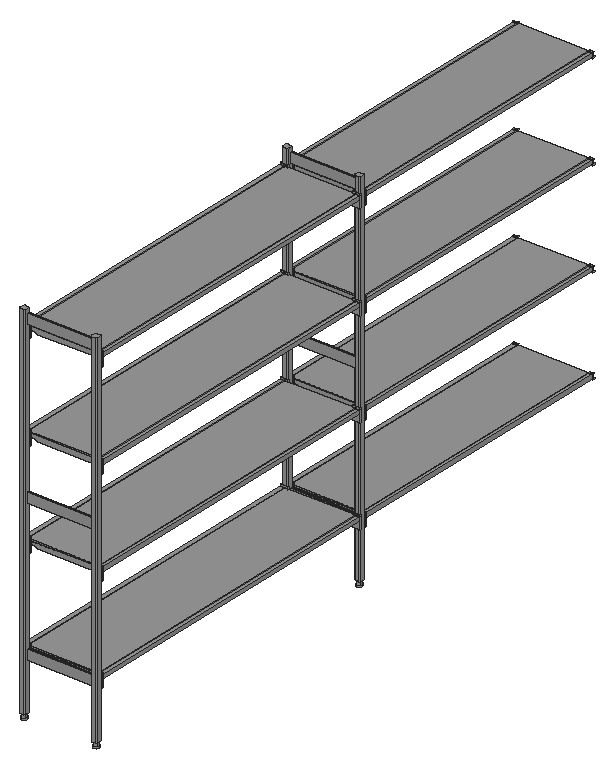
Revit family "QF_ELECTROLUXPROFESSIONAL_137069_ACS2903", category Attrezzature speciali, Revit 2020
Family settings
  Quota connettore circolare = Usa diametro
  Tipo di parte = Normale
  Basato su piano di lavoro = No
  Sempre verticale = Sì
  Taglio con vuoti quando caricato = No
  Condiviso = No
  Punto di calcolo locali = No
Parameters (values of type "Standard")
  Weight = 42.00 kg
  Watts = 0 W
  Volts = 0 V
  URL Manufacturer = "https://www.electroluxprofessional.com/"
  URL = "https://www.electroluxprofessional.com/"
  Steam Supply Size = 0 mm
  Steam Supply Minimum Pressure = 0.0 Pa
  Steam Supply Maximum Pressure = 0.0 Pa
  Steam Consumption per Hour = 0
  Refrigeration Suction Line Size = 0.0 mm
  Refrigeration Liquid Line Size = 0.0 mm
  Refrigerant Compressor Remote = yes
  Prospetto di default = 0.0 mm
  Phase = 0
  Modello = "ACS2903"
  Produttore = "Electrolux Professional"
  Length Actual = 2907.0 mm  # constant formula
  Item Number = "137069"
  Hot Water Size = 0 mm
  Height Actual = 1700.0 mm  # constant formula
  HP = "0 HP"
  Gas Size = 0 mm
  Gas KW = 0
  Gas Input Pressure = 0 W
  Direct Waste Size = 0 mm
  Descrizione = "ALUM.CORNER SHELV.-POLY.TIERS-373X2907MM"
  Depth Actual = 373.0 mm  # constant formula
  Cycle = 0 Hz
  Condensate Return Size = 0 mm
  Compressed Air Volume = 0.0 L/s
  Compressed Air Size = 0 mm
  Compressed Air Pressure = 0.0 Pa
  Cold Water Size = 0 mm
  Accessory = yes
Reference planes
  plane 1: z = 0
  plane 2 "CenterLeft": y = -535.5
  plane 3 "FRONT": y = -921.5
  plane 4 "LEFT": x = 192.5
  plane 5 "RIGHT": x = 565.5
  plane 6 "TOP": z = 1700
  plane 7: y = -889.5
  plane 8: y = 615.5
  plane 9 "Center (Left/Back)": x = 379
  plane 10: x = 205
  plane 11: x = 515
  plane 12 "FEET": z = 25
  plane 13: z = 275
  plane 14: z = 725
  plane 15: z = 1175
  plane 16: z = 1625
  plane 17 "CXLeft": y = -907.5
  plane 18 "Center (Front/Back)": y = 633.5
  plane 19 "CYFront": x = 510
  plane 20: y = 1981.5
  plane 21: y = 651.5
  plane 22 "BACK": y = 1985.5
  plane 23 "LEFT_ORIGIN": x = 158.5
  plane 24 "BACK_ORIGIN": y = 2358.5
Forms (mm)
  Extrusion 1, solid, material "QF_Aluminum"
    sketch origin (38.022, -921.5, -4.006) x (-1, 0, 0) y (0, 0, 1)
      loop
        line (-189.5, 1637.003) -> (-173.5, 1637.003) -> (-173.5, 1655) -> (-175.493, 1655) -> (-175.493, 1648.501) -> (-506.5, 1648.501) -> (-506.5, 1655) -> (-508.5, 1655) -> (-508.5, 1637.003) -> (-492.5, 1637.003) -> (-458.5, 1625) -> (-223.5, 1625) -> (-189.5, 1637.003)
      loop
        line (-189.5, 1187.003) -> (-173.5, 1187.003) -> (-173.5, 1205) -> (-175.493, 1205) -> (-175.493, 1198.501) -> (-506.5, 1198.501) -> (-506.5, 1205) -> (-508.5, 1205) -> (-508.5, 1187.003) -> (-492.5, 1187.003) -> (-458.5, 1175) -> (-223.5, 1175) -> (-189.5, 1187.003)
      loop
        line (-189.5, 737.003) -> (-173.5, 737.003) -> (-173.5, 755) -> (-175.493, 755) -> (-175.493, 748.501) -> (-506.5, 748.501) -> (-506.5, 755) -> (-508.5, 755) -> (-508.5, 737.003) -> (-492.5, 737.003) -> (-458.5, 725) -> (-223.5, 725) -> (-189.5, 737.003)
      loop
        line (-189.5, 287.003) -> (-173.5, 287.003) -> (-173.5, 305) -> (-175.493, 305) -> (-175.493, 298.501) -> (-506.5, 298.501) -> (-506.5, 305) -> (-508.5, 305) -> (-508.5, 287.003) -> (-492.5, 287.003) -> (-458.5, 275) -> (-223.5, 275) -> (-189.5, 287.003)
    from 37 to 32
  Extrusion 2, solid, material "QF_Aluminum"
    sketch origin (38.022, -921.5, 0) x (-1, 0, 0) y (0, 0, 1)
      loop
        line (-154.478, 246.005) -> (-154.478, 307.993) -> (-190.471, 307.993) -> (-190.471, 246.005) -> (-154.478, 246.005)
      loop
        line (-527.478, 246.005) -> (-491.484, 246.005) -> (-491.484, 307.993) -> (-527.478, 307.993) -> (-527.478, 246.005)
      loop
        line (-154.478, 696.005) -> (-154.478, 757.993) -> (-190.471, 757.993) -> (-190.471, 696.005) -> (-154.478, 696.005)
      loop
        line (-527.478, 696.005) -> (-491.484, 696.005) -> (-491.484, 757.993) -> (-527.478, 757.993) -> (-527.478, 696.005)
      loop
        line (-154.478, 1146.005) -> (-154.478, 1207.993) -> (-190.471, 1207.993) -> (-190.471, 1146.005) -> (-154.478, 1146.005)
      loop
        line (-527.478, 1146.005) -> (-491.484, 1146.005) -> (-491.484, 1207.993) -> (-527.478, 1207.993) -> (-527.478, 1146.005)
      loop
        line (-154.478, 1596.005) -> (-154.478, 1657.993) -> (-190.471, 1657.993) -> (-190.471, 1596.005) -> (-154.478, 1596.005)
      loop
        line (-527.478, 1596.005) -> (-491.484, 1596.005) -> (-491.484, 1657.993) -> (-527.478, 1657.993) -> (-527.478, 1596.005)
    from 28 to 32
  Extrusion 3, solid, material "QF_Aluminum"
    sketch origin (38.022, -921.5, 0) x (-1, 0, 0) y (0, 0, 1)
      loop
        line (-154.5, 1650.994) -> (-173.5, 1650.994) -> (-173.5, 1632.998) -> (-154.5, 1632.998) -> (-154.5, 1650.994)
      loop
        line (-154.5, 1200.994) -> (-173.5, 1200.994) -> (-173.5, 1182.998) -> (-154.5, 1182.998) -> (-154.5, 1200.994)
      loop
        line (-154.5, 750.994) -> (-173.5, 750.994) -> (-173.5, 732.998) -> (-154.5, 732.998) -> (-154.5, 750.994)
      loop
        line (-154.5, 300.994) -> (-173.5, 300.994) -> (-173.5, 282.998) -> (-154.5, 282.998) -> (-154.5, 300.994)
      loop
        line (-527.455, 1650.994) -> (-527.455, 1632.998) -> (-508.455, 1632.998) -> (-508.455, 1650.994) -> (-527.455, 1650.994)
      loop
        line (-527.455, 1200.994) -> (-527.455, 1182.998) -> (-508.455, 1182.998) -> (-508.455, 1200.994) -> (-527.455, 1200.994)
      loop
        line (-527.455, 750.994) -> (-527.455, 732.998) -> (-508.455, 732.998) -> (-508.455, 750.994) -> (-527.455, 750.994)
      loop
        line (-527.455, 300.994) -> (-527.455, 282.998) -> (-508.455, 282.998) -> (-508.455, 300.994) -> (-527.455, 300.994)
    from 32 to 1537
  Extrusion 4, solid, material "QF_Polyethylene"
    sketch origin (38.022, -921.5, 0) x (-1, 0, 0) y (0, 0, 1)
      loop
        line (-175.493, 1650.994) -> (-506.5, 1650.994) -> (-506.5, 1644.496) -> (-175.493, 1644.496) -> (-175.493, 1650.994)
      loop
        line (-175.493, 1200.994) -> (-506.5, 1200.994) -> (-506.5, 1194.496) -> (-175.493, 1194.496) -> (-175.493, 1200.994)
      loop
        line (-175.493, 750.994) -> (-506.5, 750.994) -> (-506.5, 744.496) -> (-175.493, 744.496) -> (-175.493, 750.994)
      loop
        line (-175.493, 300.994) -> (-506.5, 300.994) -> (-506.5, 294.496) -> (-175.493, 294.496) -> (-175.493, 300.994)
    from 32 to 1537
  Extrusion 5, solid, material "QF_Aluminum"
    sketch origin (38.022, 684.5, 0) x (-1, 0, 0) y (0, 0, 1)
      loop
        line (-154.5, 1650.994) -> (-173.5, 1650.994) -> (-173.5, 1632.998) -> (-154.5, 1632.998) -> (-154.5, 1650.994)
      loop
        line (-508.5, 1650.994) -> (-527.455, 1650.994) -> (-527.455, 1632.998) -> (-508.5, 1632.998) -> (-508.5, 1650.994)
      loop
        line (-154.5, 1200.994) -> (-173.5, 1200.994) -> (-173.5, 1182.998) -> (-154.5, 1182.998) -> (-154.5, 1200.994)
      loop
        line (-508.5, 1200.994) -> (-527.455, 1200.994) -> (-527.455, 1182.998) -> (-508.5, 1182.998) -> (-508.5, 1200.994)
      loop
        line (-154.5, 750.994) -> (-173.5, 750.994) -> (-173.5, 732.998) -> (-154.5, 732.998) -> (-154.5, 750.994)
      loop
        line (-508.5, 750.994) -> (-527.455, 750.994) -> (-527.455, 732.998) -> (-508.5, 732.998) -> (-508.5, 750.994)
      loop
        line (-154.5, 300.994) -> (-173.5, 300.994) -> (-173.5, 282.998) -> (-154.5, 282.998) -> (-154.5, 300.994)
      loop
        line (-508.5, 300.994) -> (-527.455, 300.994) -> (-527.455, 282.998) -> (-508.5, 282.998) -> (-508.5, 300.994)
    from 1297 to -33
  Extrusion 6, solid, material "QF_Polyethylene"
    sketch origin (38.022, 684.5, 0) x (-1, 0, 0) y (0, 0, 1)
      loop
        line (-175.493, 1650.994) -> (-506.5, 1650.994) -> (-506.5, 1644.496) -> (-175.493, 1644.496) -> (-175.493, 1650.994)
      loop
        line (-175.493, 1200.994) -> (-506.5, 1200.994) -> (-506.5, 1194.496) -> (-175.493, 1194.496) -> (-175.493, 1200.994)
      loop
        line (-175.493, 750.994) -> (-506.5, 750.994) -> (-506.5, 744.496) -> (-175.493, 744.496) -> (-175.493, 750.994)
      loop
        line (-175.493, 300.994) -> (-506.5, 300.994) -> (-506.5, 294.496) -> (-175.493, 294.496) -> (-175.493, 300.994)
    from 1297 to -33
Lines and regions (mm)
  symbolic lines
    curve 1: line (205, -912.5, 1700) -> (515, -912.5, 1700)
    curve 2: line (515, -902.5, 1700) -> (205, -902.5, 1700)
    curve 3: line (192.5, -893.5, 1700) -> (192.5, 619.5, 1700)
    curve 4: line (565.5, -889.5, 1700) -> (565.5, 615.5, 1700)
    curve 5: line (192.5, 647.5, 1700) -> (192.5, 1985.5, 1700)
    curve 6: line (565.5, 647.5, 1700) -> (565.5, 1985.5, 1700)
    curve 7: line (211.522, 1981.5, 1700) -> (510.507, 1981.5, 1700)
    curve 8: line (211.522, 615.5, 1700) -> (510.507, 615.5, 1700)
    curve 9: line (510.507, 651.5, 1700) -> (211.522, 651.5, 1700)
    curve 10: line (211.522, -889.5, 1700) -> (510.507, -889.5, 1700)
    curve 11: line (211.522, -889.5, 1700) -> (211.522, 615.5, 1700)
    curve 12: line (546.478, 615.5, 1700) -> (546.478, -889.5, 1700)
    curve 13: line (211.522, 651.5, 1700) -> (211.522, 1981.5, 1700)
    curve 14: line (546.522, 652.5, 1700) -> (546.522, -145.5, 1700)
Dimensions and locks
  plane 3 "FRONT" to plane 2 "CenterLeft" = 386.0 mm
  locked: plane 6 "TOP" to level at 1700
  locked: plane 7 to plane 8 at 1505
  locked: plane 10 to plane 11 at 310
  plane 10 to plane 9 "Center (Left/Back)" to plane 11 = 174.0 mm, 136.0 mm
  equal spacing: plane 4 "LEFT", plane 9 "Center (Left/Back)", plane 5 "RIGHT"
  plane 12 "FEET" to level = 25.0 mm
  plane 6 "TOP" to plane 12 "FEET" = 1675.0 mm
  plane 13 to plane 12 "FEET" = 250.0 mm
  plane 14 to plane 13 = 450.0 mm
  plane 15 to plane 14 = 450.0 mm
  plane 16 to plane 15 = 450.0 mm
  plane 19 "CYFront" to Extrusion 1 sketch curve = 34.522 mm
  locked: plane 21 to plane 20 at 1330
  locked: plane 8 to plane 18 "Center (Front/Back)" at 18
  locked: plane 18 "Center (Front/Back)" to plane 21 at 18
  locked: plane 3 "FRONT" to plane 7 at 32
  locked: plane 4 "LEFT" to plane 5 "RIGHT" at 373
  locked: plane 23 "LEFT_ORIGIN" to plane 5 "RIGHT" at 407
  locked: plane 22 "BACK" to plane 24 "BACK_ORIGIN" at 373
  locked: plane 22 "BACK" to plane 3 "FRONT" at 2907
  aligned and locked: level to plane 1
  aligned and locked: Extrusion 1 to plane 7
  aligned and locked: plane 7 to Extrusion 2
  aligned and locked: Extrusion 4 to plane 7
  aligned and locked: plane 8 to Extrusion 4
  aligned and locked: Extrusion 3 to plane 7
  aligned and locked: plane 8 to Extrusion 3
  aligned and locked: Extrusion 1 sketch curve to Extrusion 1 sketch curve  (x3)
  aligned and locked: Extrusion 4 sketch curve to Extrusion 1  (x4)
  aligned and locked: Extrusion 5 sketch curve to Extrusion 5 sketch curve  (x2)
  aligned and locked: Extrusion 5 to plane 21  (x5)
  aligned and locked: Extrusion 6 to plane 21  (x5)
  aligned and locked: nested 2 to plane 18 "Center (Front/Back)"
  aligned and locked: nested 1 to plane 17 "CXLeft"
  aligned and locked: plane 7 to Extrusion 3  (x3)
  aligned and locked: Extrusion 3 to plane 8  (x4)
  aligned and locked: Extrusion 4 to plane 8  (x4)
  aligned and locked: plane 20 to Extrusion 5
  aligned and locked: plane 20 to Extrusion 6
  aligned and locked: Extrusion 5 to plane 20  (x3)
  aligned and locked: Extrusion 6 to plane 20  (x3)
  aligned and locked: plane 9 "Center (Left/Back)" to nested 2
  aligned and locked: nested 3 to plane 22 "BACK"
Automatic sketch dimensions
  curve 1 to plane 10 = 0.0 mm
  curve 1 to plane 11 = 0.0 mm
  curve 2 to plane 10 = 0.0 mm
  curve 2 to plane 11 = 0.0 mm
  curve 3 to plane 4 "LEFT" = 0.0 mm
  plane 7 to curve 10 = 0.0 mm
  curve 4 to plane 5 "RIGHT" = 0.0 mm
  plane 7 to curve 4 = 0.0 mm
  plane 8 to curve 8 = 0.0 mm
  plane 8 to curve 4 = 0.0 mm
  curve 6 to plane 5 "RIGHT" = 0.0 mm
  curve 5 to plane 4 "LEFT" = 0.0 mm
  curve 9 to plane 21 = 0.0 mm
  plane 20 to curve 7 = 0.0 mm
  plane 7 to curve 3 = 4.0 mm
  plane 17 "CXLeft" to curve 2 = 5.0 mm
  curve 1 to plane 17 "CXLeft" = 5.0 mm
  curve 3 to plane 8 = 4.0 mm
  curve 6 to plane 21 = 4.0 mm
  curve 5 to plane 21 = 4.0 mm
  curve 6 to plane 20 = 4.0 mm
  curve 5 to plane 20 = 4.0 mm
  plane 11 to curve 10 = 4.493 mm
  plane 11 to curve 9 = 4.493 mm
  plane 11 to curve 8 = 4.493 mm
  plane 11 to curve 7 = 4.493 mm
  curve 8 to plane 10 = 6.522 mm
  curve 7 to plane 10 = 6.522 mm
  Extrusion 1 sketch curve to plane 19 "CYFront" = 36.522 mm  (x4)
  Extrusion 1 sketch curve to plane 11 = 15.522 mm  (x4)
  Extrusion 1 sketch curve to plane 13 = 4.006 mm
  Extrusion 1 sketch curve to Extrusion 1 sketch curve = 34.0 mm  (x4)
  Extrusion 1 sketch curve to plane 14 = 4.006 mm
  Extrusion 1 sketch curve to plane 15 = 4.006 mm
  Extrusion 1 sketch curve to plane 16 = 4.006 mm
  Extrusion 1 sketch curve to plane 10 = 56.522 mm  (x4)
  Extrusion 1 sketch curve to plane 10 = 22.522 mm  (x4)
  plane 13 to Extrusion 1 sketch curve = 7.998 mm  (x2)
  Extrusion 1 sketch curve to Extrusion 1 sketch curve = 11.498 mm  (x4)
  Extrusion 1 sketch curve to Extrusion 1 sketch curve = 6.499 mm  (x8)
  plane 14 to Extrusion 1 sketch curve = 7.998 mm  (x2)
  plane 15 to Extrusion 1 sketch curve = 7.998 mm  (x2)
  plane 16 to Extrusion 1 sketch curve = 7.998 mm  (x2)
  Extrusion 2 sketch curve to plane 5 "RIGHT" = 0.0 mm  (x4)
  Extrusion 2 sketch curve to plane 4 "LEFT" = 0.0 mm  (x4)
  Extrusion 2 sketch curve to plane 11 = 14.507 mm  (x4)
  Extrusion 2 sketch curve to plane 10 = 23.493 mm  (x4)
  Extrusion 2 sketch curve to plane 13 = 28.995 mm  (x2)
  plane 13 to Extrusion 2 sketch curve = 32.993 mm  (x2)
  Extrusion 2 sketch curve to plane 14 = 28.995 mm  (x2)
  plane 14 to Extrusion 2 sketch curve = 32.993 mm  (x2)
  Extrusion 2 sketch curve to plane 15 = 28.995 mm  (x2)
  plane 15 to Extrusion 2 sketch curve = 32.993 mm  (x2)
  Extrusion 2 sketch curve to plane 16 = 28.995 mm  (x2)
  plane 16 to Extrusion 2 sketch curve = 32.993 mm  (x2)
  plane 13 to Extrusion 4 sketch curve = 19.496 mm
  Extrusion 4 sketch curve to Extrusion 4 sketch curve = 6.499 mm  (x4)
  plane 14 to Extrusion 4 sketch curve = 19.496 mm
  plane 15 to Extrusion 4 sketch curve = 19.496 mm
  plane 16 to Extrusion 4 sketch curve = 19.496 mm
  plane 5 "RIGHT" to Extrusion 5 sketch curve = 0.022 mm  (x4)
  Extrusion 5 sketch curve to plane 4 "LEFT" = 19.022 mm  (x4)
  Extrusion 5 sketch curve to plane 19 "CYFront" = 36.522 mm  (x2)
  plane 13 to Extrusion 5 sketch curve = 7.998 mm  (x2)
  Extrusion 5 sketch curve to Extrusion 5 sketch curve = 17.997 mm  (x8)
  plane 14 to Extrusion 5 sketch curve = 7.998 mm  (x2)
  plane 15 to Extrusion 5 sketch curve = 7.998 mm  (x2)
  plane 16 to Extrusion 5 sketch curve = 7.998 mm  (x2)
  Extrusion 6 sketch curve to plane 19 "CYFront" = 34.522 mm  (x4)
  plane 13 to Extrusion 6 sketch curve = 19.496 mm
  Extrusion 6 sketch curve to Extrusion 6 sketch curve = 6.499 mm  (x4)
  plane 14 to Extrusion 6 sketch curve = 19.496 mm
  plane 15 to Extrusion 6 sketch curve = 19.496 mm
  plane 16 to Extrusion 6 sketch curve = 19.496 mm
  plane 5 "RIGHT" to Extrusion 3 sketch curve = 0.022 mm  (x4)
  Extrusion 3 sketch curve to Extrusion 3 sketch curve = 19.0 mm  (x4)
  plane 14 to Extrusion 3 sketch curve = 7.998 mm  (x2)
  Extrusion 3 sketch curve to plane 10 = 6.522 mm  (x4)
  Extrusion 3 sketch curve to plane 4 "LEFT" = 0.022 mm  (x4)
  plane 13 to Extrusion 3 sketch curve = 25.994 mm  (x2)
  plane 13 to Extrusion 3 sketch curve = 7.998 mm  (x2)
  Extrusion 3 sketch curve to Extrusion 3 sketch curve = 17.997 mm  (x6)
  plane 15 to Extrusion 3 sketch curve = 7.998 mm  (x2)
  plane 16 to Extrusion 3 sketch curve = 7.998 mm  (x2)
  plane 7 to curve 12 = 0.0 mm
  plane 8 to curve 12 = 0.0 mm
  curve 4 to curve 12 = 19.022 mm
  Extrusion 1 sketch curve to plane 10 = 8.516 mm  (x4)
  Extrusion 1 sketch curve to plane 10 = 6.522 mm  (x2)
  Extrusion 1 sketch curve to Extrusion 1 sketch curve = 1.993 mm  (x2)
  Extrusion 4 sketch curve to plane 10 = 8.516 mm  (x4)
  Extrusion 5 sketch curve to plane 4 "LEFT" = 0.022 mm  (x4)
  Extrusion 6 sketch curve to plane 10 = 8.516 mm  (x4)
Nested families
  nested 1: "WT_Anta373" at (215.5, -504.5, 0) x (0, 1, 0) z (0, 0, 1), type "WT_Anta373"
  nested 2: "WT_Anta373Center" at (215.5, 1036.5, 0) x (0, 1, 0) z (0, 0, 1), type "WT_Anta373Center"
  nested 3: "WT_Aggancio373" at (215.5, 2393.5, 0) x (0, 1, 0) z (0, 0, 1), type "WT_Aggancio373"
Definition of nested family "WT_Anta373"
  Parameters
    WidthLeft = A + 64.0 mm  # 772.0 mm
    Width = 1606.0 mm
    Right = WidthLeft / 2  # 386.0 mm
    Default Elevation = 0.0 mm
    Left = -WidthLeft / 2  # -386.0 mm
    Height = 1725.0 mm
    FEET = 25.0 mm
    E = 0.0 mm
    Dint = Depth - 63.0 mm  # 310.0 mm
    Dext = Depth - 8.0 mm  # 365.0 mm
    Depth = 373.0 mm
    DX = (WidthLeft - A) / 2  # 32.0 mm
    B = 798.0 mm
    A = 708.0 mm
  Reference planes
    plane 1: z = 0
    plane 2 "LEFT": x = -417
    plane 3 "BACK": y = 23
    plane 4 "FRONT": y = -350
    plane 5 "TOP": z = 1725
    plane 6 "Center (Front/Back)": y = -163.5
    plane 7: y = -8.5
    plane 8: y = -318.5
    plane 9 "FEET": z = 25
    plane 10: z = 275
    plane 11: z = 725
    plane 12: z = 1175
    plane 13: z = 1625
    plane 14 "CXLeft": x = -403
    plane 15: y = 5.5
    plane 16 "CYBack": y = 5.5
    plane 17 "CYFront": y = -332.5
    plane 18: x = -385.031
    plane 19: x = -380.031
  Forms (mm)
    Extrusion 1, solid
      sketch origin (0, 0, 0) x (1, 0, 0) y (0, 1, 0)
        loop
          line (-417, 13.246) -> (-417, -2.246) -> (-410.746, -8.5) -> (-395.254, -8.5) -> (-389, -2.246) -> (-389, 13.246) -> (-395.254, 19.5) -> (-410.746, 19.5) -> (-417, 13.246)
      from 1725 to 25
    Extrusion 2, solid
      sketch origin (-417, 0, 0) x (0, 1, 0) y (0, 0, 1)
        loop
          line (23, 246.005) -> (23, 307.993) -> (-12.993, 307.993) -> (-12.993, 246.005) -> (23, 246.005)
        loop
          line (-350, 246.005) -> (-314.007, 246.005) -> (-314.007, 307.993) -> (-350, 307.993) -> (-350, 246.005)
        loop
          line (23, 696.005) -> (23, 757.993) -> (-12.993, 757.993) -> (-12.993, 696.005) -> (23, 696.005)
        loop
          line (-350, 696.005) -> (-314.007, 696.005) -> (-314.007, 757.993) -> (-350, 757.993) -> (-350, 696.005)
        loop
          line (23, 1146.005) -> (23, 1207.993) -> (-12.993, 1207.993) -> (-12.993, 1146.005) -> (23, 1146.005)
        loop
          line (-350, 1146.005) -> (-314.007, 1146.005) -> (-314.007, 1207.993) -> (-350, 1207.993) -> (-350, 1146.005)
        loop
          line (23, 1596.005) -> (23, 1657.993) -> (-12.993, 1657.993) -> (-12.993, 1596.005) -> (23, 1596.005)
        loop
          line (-350, 1596.005) -> (-314.007, 1596.005) -> (-314.007, 1657.993) -> (-350, 1657.993) -> (-350, 1596.005)
      from 28 to 32
    Revolve 3, solid
      sketch origin (-403, 0, 0) x (0, 1, 0) y (0, 0, 1)
        loop
          line (5.5, 25) -> (5.5, 0) -> (19, 0) -> (19, 5) -> (14, 5) -> (14, 25) -> (5.5, 25)
        axis (5.5, 25) -> (5.5, 0)
      angle from 0 to 360
    Extrusion 4, solid
      sketch origin (-403, 0, 0) x (0, 1, 0) y (0, 0, 1)
        loop
          line (-8.5, 912.382) -> (-8.5, 957.374) -> (-318.5, 957.374) -> (-318.5, 912.382) -> (-8.5, 912.382)
        loop
          line (-8.5, 1662.244) -> (-8.5, 1707.236) -> (-318.5, 1707.236) -> (-318.5, 1662.244) -> (-8.5, 1662.244)
      from -5 to 5
    Revolve 5, solid
      sketch origin (-403, -627, 0) x (0, -1, 0) y (0, 0, 1)
        loop
          line (-294.5, 25) -> (-294.5, 0) -> (-281, 0) -> (-281, 5) -> (-286, 5) -> (-286, 25) -> (-294.5, 25)
        axis (-294.5, 25) -> (-294.5, 0)
      angle from 0 to 360
    Extrusion 6, solid
      sketch origin (0, -627, 0) x (1, 0, 0) y (0, 1, 0)
        loop
          line (-417, 286.754) -> (-410.746, 280.5) -> (-395.254, 280.5) -> (-389, 286.754) -> (-389, 302.246) -> (-395.254, 308.5) -> (-410.746, 308.5) -> (-417, 302.246) -> (-417, 286.754)
      from 1725 to 25
    Extrusion 7, solid
      sketch origin (-417.031, -0.022, 0) x (0, 1, 0) y (0, 0, -1)
        loop
          line (-12, -1632.998) -> (-46, -1620.994) -> (-281, -1620.994) -> (-315, -1632.998) -> (-331, -1632.998) -> (-331, -1650.994) -> (-329, -1650.994) -> (-329, -1644.496) -> (2.007, -1644.496) -> (2.007, -1650.994) -> (4, -1650.994) -> (4, -1632.998) -> (-12, -1632.998)
        loop
          line (-12, -1182.998) -> (-46, -1170.994) -> (-281, -1170.994) -> (-315, -1182.998) -> (-331, -1182.998) -> (-331, -1200.994) -> (-329, -1200.994) -> (-329, -1194.496) -> (2.007, -1194.496) -> (2.007, -1200.994) -> (4, -1200.994) -> (4, -1182.998) -> (-12, -1182.998)
        loop
          line (-12, -732.998) -> (-46, -720.994) -> (-281, -720.994) -> (-315, -732.998) -> (-331, -732.998) -> (-331, -750.994) -> (-329, -750.994) -> (-329, -744.496) -> (2.007, -744.496) -> (2.007, -750.994) -> (4, -750.994) -> (4, -732.998) -> (-12, -732.998)
        loop
          line (-12, -282.998) -> (-46, -270.994) -> (-281, -270.994) -> (-315, -282.998) -> (-331, -282.998) -> (-331, -300.994) -> (-329, -300.994) -> (-329, -294.496) -> (2.007, -294.496) -> (2.007, -300.994) -> (4, -300.994) -> (4, -282.998) -> (-12, -282.998)
      from -32 to -37
    Extrusion 8, solid
      sketch origin (-403, 0, -659.878) x (0, 1, 0) y (0, 0, 1)
        loop
          line (-8.5, 912.382) -> (-8.5, 957.374) -> (-318.5, 957.374) -> (-318.5, 912.382) -> (-8.5, 912.382)
        loop
          line (-8.5, 1572.382) -> (-8.5, 1617.374) -> (-318.5, 1617.374) -> (-318.5, 1572.382) -> (-8.5, 1572.382)
        loop
          line (-8.5, 2322.382) -> (-8.5, 2367.374) -> (-318.5, 2367.374) -> (-318.5, 2322.382) -> (-8.5, 2322.382)
      from -5 to 5
  Lines and regions (mm)
    symbolic lines
      curve 1: line (-408, -8.5, 1725) -> (-408, -318.5, 1725)
      curve 2: line (-398, -318.5, 1725) -> (-398, -8.5, 1725)
      curve 3: line (-395.254, -8.5, 1725) -> (-410.746, -8.5, 1725)
      curve 4: line (-417, -2.246, 1725) -> (-410.746, -8.5, 1725)
      curve 5: line (-417, 13.246, 1725) -> (-417, -2.246, 1725)
      curve 6: line (-410.746, 19.5, 1725) -> (-417, 13.246, 1725)
      curve 7: line (-395.254, 19.5, 1725) -> (-410.746, 19.5, 1725)
      curve 8: line (-389, 13.246, 1725) -> (-395.254, 19.5, 1725)
      curve 9: line (-395.254, -8.5, 1725) -> (-389, -2.246, 1725)
      curve 10: line (-395.254, -318.5, 1725) -> (-410.746, -318.5, 1725)
      curve 11: line (-417, -324.754, 1725) -> (-410.746, -318.5, 1725)
      curve 12: line (-410.746, -346.5, 1725) -> (-417, -340.246, 1725)
      curve 13: line (-395.254, -346.5, 1725) -> (-410.746, -346.5, 1725)
      curve 14: line (-389, -340.246, 1725) -> (-395.254, -346.5, 1725)
      curve 15: line (-395.254, -318.5, 1725) -> (-389, -324.754, 1725)
      curve 16: line (-389, -350, 1725) -> (-389, -314.007, 1725)
      curve 17: line (-389, -314.007, 1725) -> (-385, -314.007, 1725)
      curve 18: line (-389, 23, 1725) -> (-389, -12.993, 1725)
      curve 19: line (-389, -12.993, 1725) -> (-385, -12.993, 1725)
      curve 20: line (-417, -324.754, 1725) -> (-417, -340.246, 1725)
      curve 21: line (-385, -350, 1725) -> (-385, -314.007, 1725)
      curve 22: line (-385, -350, 1725) -> (-389, -350, 1725)
      curve 23: line (-385, 23, 1725) -> (-389, 23, 1725)
      curve 24: line (-385, -12.993, 1725) -> (-385, 23, 1725)
      curve 25: line (-385.031, -13.016, 1725) -> (-385.031, -314.029, 1725)
  Dimensions and locks
    "Height": plane 5 "TOP" to level
    "Depth": plane 3 "BACK" to plane 4 "FRONT"
    "Dint": plane 7 to plane 8
    equal spacing: plane 7, plane 6 "Center (Front/Back)", plane 8
    equal spacing: plane 3 "BACK", plane 6 "Center (Front/Back)", plane 4 "FRONT"
    plane 9 "FEET" to level = 25.0 mm
    plane 5 "TOP" to plane 9 "FEET" = 1700.0 mm
    plane 10 to plane 9 "FEET" = 250.0 mm
    plane 11 to plane 10 = 450.0 mm
    plane 12 to plane 11 = 450.0 mm
    plane 13 to plane 12 = 450.0 mm
    locked: plane 2 "LEFT" to plane 14 "CXLeft" at 14
    locked: plane 3 "BACK" to plane 16 "CYBack" at 17.5
    locked: plane 17 "CYFront" to plane 4 "FRONT" at 17.5
    locked: Revolve 3 sketch curve to Revolve 3 sketch curve at 8.5
    locked: Revolve 3 sketch curve to plane 16 "CYBack" at 13.5
    locked: Revolve 5 sketch curve to Revolve 5 sketch curve at 8.5
    aligned and locked: level to plane 1
    aligned and locked: curve 20 to Extrusion 6
    aligned and locked: plane 5 "TOP" to Extrusion 1
    aligned and locked: plane 5 "TOP" to Extrusion 6
    aligned and locked: Extrusion 7 sketch curve to Extrusion 7 sketch curve  (x3)
  Automatic sketch dimensions
    curve 16 to plane 4 "FRONT" = 0.0 mm
    curve 11 to plane 8 = 0.0 mm
    curve 9 to plane 7 = 0.0 mm
    curve 5 to plane 2 "LEFT" = 0.0 mm
    curve 23 to plane 3 "BACK" = 0.0 mm
    plane 4 "FRONT" to curve 13 = 3.5 mm
    curve 20 to plane 17 "CYFront" = 7.746 mm
    curve 20 to plane 8 = 6.254 mm
    plane 8 to curve 16 = 4.493 mm
    curve 24 to plane 18 = 0.031 mm
    curve 24 to plane 7 = 4.493 mm
    plane 7 to curve 5 = 6.254 mm
    curve 5 to plane 15 = 7.746 mm
    curve 6 to plane 3 "BACK" = 3.5 mm
    curve 21 to plane 18 = 0.031 mm
    plane 18 to curve 23 = 3.969 mm
    plane 18 to curve 16 = 3.969 mm
    curve 18 to curve 8 = 6.254 mm
    curve 18 to curve 3 = 6.254 mm
    curve 16 to curve 13 = 6.254 mm
    curve 16 to curve 15 = 6.254 mm
    plane 2 "LEFT" to curve 10 = 6.254 mm
    plane 2 "LEFT" to curve 7 = 6.254 mm
    plane 2 "LEFT" to curve 12 = 6.254 mm
    plane 2 "LEFT" to curve 3 = 6.254 mm
    curve 14 to plane 17 "CYFront" = 7.746 mm
    curve 15 to plane 8 = 6.254 mm
    plane 7 to curve 9 = 6.254 mm
    curve 8 to plane 15 = 7.746 mm
    curve 3 to curve 2 = 2.746 mm
    curve 1 to curve 10 = 2.746 mm
    Extrusion 1 sketch curve to plane 2 "LEFT" = 0.0 mm
    Extrusion 1 sketch curve to plane 7 = 0.0 mm
    plane 2 "LEFT" to Extrusion 1 sketch curve = 6.254 mm  (x2)
    plane 14 "CXLeft" to Extrusion 1 sketch curve = 7.746 mm  (x2)
    Extrusion 1 sketch curve to plane 3 "BACK" = 3.5 mm
    plane 18 to Extrusion 1 sketch curve = 3.969 mm
    plane 7 to Extrusion 1 sketch curve = 6.254 mm  (x2)
    Extrusion 1 sketch curve to plane 15 = 7.746 mm  (x2)
    Extrusion 2 sketch curve to plane 4 "FRONT" = 0.0 mm  (x4)
    Extrusion 2 sketch curve to plane 3 "BACK" = 0.0 mm  (x4)
    plane 8 to Extrusion 2 sketch curve = 4.493 mm  (x4)
    Extrusion 2 sketch curve to plane 7 = 4.493 mm  (x4)
    Extrusion 2 sketch curve to plane 10 = 28.995 mm  (x2)
    plane 10 to Extrusion 2 sketch curve = 32.993 mm  (x2)
    Extrusion 2 sketch curve to plane 11 = 28.995 mm  (x2)
    plane 11 to Extrusion 2 sketch curve = 32.993 mm  (x2)
    Extrusion 2 sketch curve to plane 12 = 28.995 mm  (x2)
    plane 12 to Extrusion 2 sketch curve = 32.993 mm  (x2)
    Extrusion 2 sketch curve to plane 13 = 28.995 mm  (x2)
    plane 13 to Extrusion 2 sketch curve = 32.993 mm  (x2)
    Revolve 3 sketch curve to plane 9 "FEET" = 0.0 mm  (x2)
    Revolve 3 sketch curve to plane 15 = 0.0 mm  (x2)
    Revolve 3 sketch curve to level = 0.0 mm
    level to Revolve 3 sketch curve = 5.0 mm
    Revolve 3 sketch curve to Revolve 3 sketch curve = 11.655 mm
    Extrusion 4 sketch curve to plane 8 = 0.0 mm  (x2)
    Extrusion 4 sketch curve to plane 7 = 0.0 mm  (x2)
    plane 11 to Extrusion 4 sketch curve = 187.382 mm
    Extrusion 4 sketch curve to Extrusion 4 sketch curve = 44.992 mm
    plane 13 to Extrusion 4 sketch curve = 37.244 mm
    Extrusion 4 sketch curve to plane 5 "TOP" = 17.764 mm
    Revolve 5 sketch curve to plane 9 "FEET" = 0.0 mm  (x2)
    Revolve 5 sketch curve to plane 17 "CYFront" = 0.0 mm  (x2)
    Revolve 5 sketch curve to level = 0.0 mm
    Revolve 5 sketch curve to plane 4 "FRONT" = 4.0 mm
    Revolve 5 sketch curve to Revolve 5 sketch curve = 5.0 mm
    level to Revolve 5 sketch curve = 11.655 mm
    Extrusion 6 sketch curve to plane 2 "LEFT" = 0.0 mm
    Extrusion 6 sketch curve to plane 8 = 0.0 mm
    Extrusion 6 sketch curve to plane 2 "LEFT" = 6.254 mm  (x2)
    Extrusion 6 sketch curve to plane 14 "CXLeft" = 7.746 mm  (x2)
    Extrusion 6 sketch curve to plane 4 "FRONT" = 3.5 mm
    Extrusion 6 sketch curve to plane 18 = 3.969 mm
    plane 8 to Extrusion 6 sketch curve = 6.254 mm  (x2)
    plane 17 "CYFront" to Extrusion 6 sketch curve = 7.746 mm  (x2)
    plane 17 "CYFront" to Extrusion 7 sketch curve = 1.478 mm  (x4)
    Extrusion 7 sketch curve to Extrusion 7 sketch curve = 2.0 mm
    plane 8 to Extrusion 7 sketch curve = 3.478 mm  (x4)
    Extrusion 7 sketch curve to plane 10 = 4.006 mm
    Extrusion 7 sketch curve to Extrusion 7 sketch curve = 34.0 mm  (x4)
    Extrusion 7 sketch curve to plane 11 = 4.006 mm
    Extrusion 7 sketch curve to plane 12 = 4.006 mm
    Extrusion 7 sketch curve to plane 13 = 4.006 mm
    Extrusion 7 sketch curve to plane 7 = 37.522 mm  (x4)
    Extrusion 7 sketch curve to plane 7 = 3.522 mm  (x4)
    plane 15 to Extrusion 7 sketch curve = 3.516 mm  (x4)
    plane 15 to Extrusion 7 sketch curve = 1.522 mm  (x4)
    plane 13 to Extrusion 7 sketch curve = 7.998 mm  (x2)
    Extrusion 7 sketch curve to Extrusion 7 sketch curve = 11.498 mm
    Extrusion 7 sketch curve to Extrusion 7 sketch curve = 6.499 mm  (x5)
    plane 12 to Extrusion 7 sketch curve = 25.994 mm  (x2)
    plane 12 to Extrusion 7 sketch curve = 7.998 mm  (x2)
    plane 11 to Extrusion 7 sketch curve = 25.994 mm  (x2)
    plane 11 to Extrusion 7 sketch curve = 7.998 mm  (x2)
    plane 10 to Extrusion 7 sketch curve = 25.994 mm  (x2)
    plane 10 to Extrusion 7 sketch curve = 7.998 mm  (x2)
    curve 25 to plane 18 = 0.0 mm
    plane 8 to curve 25 = 4.471 mm
    curve 25 to plane 7 = 4.516 mm
    Extrusion 8 sketch curve to plane 8 = 0.0 mm  (x3)
    Extrusion 8 sketch curve to plane 7 = 0.0 mm  (x3)
    Extrusion 8 sketch curve to plane 10 = 22.496 mm
    plane 10 to Extrusion 8 sketch curve = 22.496 mm
    plane 11 to Extrusion 8 sketch curve = 187.504 mm
    Extrusion 8 sketch curve to Extrusion 8 sketch curve = 44.992 mm
    plane 13 to Extrusion 8 sketch curve = 37.504 mm
    Extrusion 8 sketch curve to plane 5 "TOP" = 17.504 mm
Definition of nested family "WT_Anta373Center"
  Parameters
    WidthLeft = A + 64.0 mm  # 772.0 mm
    Width = 1606.0 mm
    Right = WidthLeft / 2  # 386.0 mm
    Default Elevation = 0.0 mm
    Left = -WidthLeft / 2  # -386.0 mm
    Height = 1725.0 mm
    FEET = 25.0 mm
    E = 0.0 mm
    Dint = Depth - 63.0 mm  # 310.0 mm
    Dext = Depth - 8.0 mm  # 365.0 mm
    Depth = 373.0 mm
    DX = (WidthLeft - A) / 2  # 32.0 mm
    B = 798.0 mm
    A = 708.0 mm
  Reference planes
    plane 1: z = 0
    plane 2 "L": x = -417
    plane 3 "BACK": y = 23
    plane 4 "FRONT": y = -350
    plane 5 "TOP": z = 1725
    plane 6 "Center (Front/Back)": y = -163.5
    plane 7: y = -8.5
    plane 8: y = -318.5
    plane 9 "FEET": z = 25
    plane 10: z = 275
    plane 11: z = 725
    plane 12: z = 1175
    plane 13: z = 1625
    plane 14 "CXLeft": x = -403
    plane 15: y = 5.5
    plane 16 "CYBack": y = 5.5
    plane 17 "CYFront": y = -332.5
    plane 18: x = -385.031
    plane 19 "RIGHT": x = -380.031
    plane 20: x = -420.969
    plane 21 "LEFT": x = -425.969
  Forms (mm)
    Extrusion 1, solid
      sketch origin (0, 0, 0) x (1, 0, 0) y (0, 1, 0)
        loop
          line (-417, 13.246) -> (-417, -2.246) -> (-410.746, -8.5) -> (-395.254, -8.5) -> (-389, -2.246) -> (-389, 13.246) -> (-395.254, 19.5) -> (-410.746, 19.5) -> (-417, 13.246)
      from 1725 to 25
    Extrusion 2, solid
      sketch origin (-417, 0, 0) x (0, 1, 0) y (0, 0, 1)
        loop
          line (23, 246.005) -> (23, 307.993) -> (-12.993, 307.993) -> (-12.993, 246.005) -> (23, 246.005)
        loop
          line (-350, 246.005) -> (-314.007, 246.005) -> (-314.007, 307.993) -> (-350, 307.993) -> (-350, 246.005)
        loop
          line (23, 696.005) -> (23, 757.993) -> (-12.993, 757.993) -> (-12.993, 696.005) -> (23, 696.005)
        loop
          line (-350, 696.005) -> (-314.007, 696.005) -> (-314.007, 757.993) -> (-350, 757.993) -> (-350, 696.005)
        loop
          line (23, 1146.005) -> (23, 1207.993) -> (-12.993, 1207.993) -> (-12.993, 1146.005) -> (23, 1146.005)
        loop
          line (-350, 1146.005) -> (-314.007, 1146.005) -> (-314.007, 1207.993) -> (-350, 1207.993) -> (-350, 1146.005)
        loop
          line (23, 1596.005) -> (23, 1657.993) -> (-12.993, 1657.993) -> (-12.993, 1596.005) -> (23, 1596.005)
        loop
          line (-350, 1596.005) -> (-314.007, 1596.005) -> (-314.007, 1657.993) -> (-350, 1657.993) -> (-350, 1596.005)
      from 28 to 32
    Revolve 3, solid
      sketch origin (-403, 0, 0) x (0, 1, 0) y (0, 0, 1)
        loop
          line (5.5, 25) -> (5.5, 0) -> (19, 0) -> (19, 5) -> (14, 5) -> (14, 25) -> (5.5, 25)
        axis (5.5, 25) -> (5.5, 0)
      angle from 0 to 360
    Extrusion 4, solid
      sketch origin (-403, 0, 0) x (0, 1, 0) y (0, 0, 1)
        loop
          line (-8.5, 912.382) -> (-8.5, 957.374) -> (-318.5, 957.374) -> (-318.5, 912.382) -> (-8.5, 912.382)
        loop
          line (-8.5, 1662.244) -> (-8.5, 1707.236) -> (-318.5, 1707.236) -> (-318.5, 1662.244) -> (-8.5, 1662.244)
      from -5 to 5
    Revolve 5, solid
      sketch origin (-403, -627, 0) x (0, -1, 0) y (0, 0, 1)
        loop
          line (-294.5, 25) -> (-294.5, 0) -> (-281, 0) -> (-281, 5) -> (-286, 5) -> (-286, 25) -> (-294.5, 25)
        axis (-294.5, 25) -> (-294.5, 0)
      angle from 0 to 360
    Extrusion 6, solid
      sketch origin (0, -627, 0) x (1, 0, 0) y (0, 1, 0)
        loop
          line (-417, 286.754) -> (-410.746, 280.5) -> (-395.254, 280.5) -> (-389, 286.754) -> (-389, 302.246) -> (-395.254, 308.5) -> (-410.746, 308.5) -> (-417, 302.246) -> (-417, 286.754)
      from 1725 to 25
    Extrusion 7, solid
      sketch origin (-417.031, -0.022, 0) x (0, 1, 0) y (0, 0, -1)
        loop
          line (-12, -1632.998) -> (-46, -1620.994) -> (-281, -1620.994) -> (-315, -1632.998) -> (-331, -1632.998) -> (-331, -1650.994) -> (-329, -1650.994) -> (-329, -1644.496) -> (2.007, -1644.496) -> (2.007, -1650.994) -> (4, -1650.994) -> (4, -1632.998) -> (-12, -1632.998)
        loop
          line (-12, -1182.998) -> (-46, -1170.994) -> (-281, -1170.994) -> (-315, -1182.998) -> (-331, -1182.998) -> (-331, -1200.994) -> (-329, -1200.994) -> (-329, -1194.496) -> (2.007, -1194.496) -> (2.007, -1200.994) -> (4, -1200.994) -> (4, -1182.998) -> (-12, -1182.998)
        loop
          line (-12, -732.998) -> (-46, -720.994) -> (-281, -720.994) -> (-315, -732.998) -> (-331, -732.998) -> (-331, -750.994) -> (-329, -750.994) -> (-329, -744.496) -> (2.007, -744.496) -> (2.007, -750.994) -> (4, -750.994) -> (4, -732.998) -> (-12, -732.998)
        loop
          line (-12, -282.998) -> (-46, -270.994) -> (-281, -270.994) -> (-315, -282.998) -> (-331, -282.998) -> (-331, -300.994) -> (-329, -300.994) -> (-329, -294.496) -> (2.007, -294.496) -> (2.007, -300.994) -> (4, -300.994) -> (4, -282.998) -> (-12, -282.998)
      from -32 to -37
    Extrusion 8, solid
      sketch origin (-403, 0, -659.878) x (0, 1, 0) y (0, 0, 1)
        loop
          line (-8.5, 912.382) -> (-8.5, 957.374) -> (-318.5, 957.374) -> (-318.5, 912.382) -> (-8.5, 912.382)
        loop
          line (-8.5, 1572.382) -> (-8.5, 1617.374) -> (-318.5, 1617.374) -> (-318.5, 1572.382) -> (-8.5, 1572.382)
        loop
          line (-8.5, 2322.382) -> (-8.5, 2367.374) -> (-318.5, 2367.374) -> (-318.5, 2322.382) -> (-8.5, 2322.382)
      from -5 to 5
    Extrusion 9, solid
      sketch origin (-389, 0, 0) x (0, 1, 0) y (0, 0, -1)
        loop
          line (23, -246.005) -> (-12.993, -246.005) -> (-12.993, -307.993) -> (23, -307.993) -> (23, -246.005)
        loop
          line (-350, -246.005) -> (-350, -307.993) -> (-314.007, -307.993) -> (-314.007, -246.005) -> (-350, -246.005)
        loop
          line (23, -696.005) -> (-12.993, -696.005) -> (-12.993, -757.993) -> (23, -757.993) -> (23, -696.005)
        loop
          line (-350, -696.005) -> (-350, -757.993) -> (-314.007, -757.993) -> (-314.007, -696.005) -> (-350, -696.005)
        loop
          line (23, -1146.005) -> (-12.993, -1146.005) -> (-12.993, -1207.993) -> (23, -1207.993) -> (23, -1146.005)
        loop
          line (-350, -1146.005) -> (-350, -1207.993) -> (-314.007, -1207.993) -> (-314.007, -1146.005) -> (-350, -1146.005)
        loop
          line (23, -1596.005) -> (-12.993, -1596.005) -> (-12.993, -1657.993) -> (23, -1657.993) -> (23, -1596.005)
        loop
          line (-350, -1596.005) -> (-350, -1657.993) -> (-314.007, -1657.993) -> (-314.007, -1596.005) -> (-350, -1596.005)
      from 28 to 32
    Extrusion 10, solid
      sketch origin (-388.969, -0.022, 0) x (0, 1, 0) y (0, 0, 1)
        loop
          line (-12, 1632.998) -> (4, 1632.998) -> (4, 1650.994) -> (2.007, 1650.994) -> (2.007, 1644.496) -> (-329, 1644.496) -> (-329, 1650.994) -> (-331, 1650.994) -> (-331, 1632.998) -> (-315, 1632.998) -> (-281, 1620.994) -> (-46, 1620.994) -> (-12, 1632.998)
        loop
          line (-12, 1182.998) -> (4, 1182.998) -> (4, 1200.994) -> (2.007, 1200.994) -> (2.007, 1194.496) -> (-329, 1194.496) -> (-329, 1200.994) -> (-331, 1200.994) -> (-331, 1182.998) -> (-315, 1182.998) -> (-281, 1170.994) -> (-46, 1170.994) -> (-12, 1182.998)
        loop
          line (-12, 732.998) -> (4, 732.998) -> (4, 750.994) -> (2.007, 750.994) -> (2.007, 744.496) -> (-329, 744.496) -> (-329, 750.994) -> (-331, 750.994) -> (-331, 732.998) -> (-315, 732.998) -> (-281, 720.994) -> (-46, 720.994) -> (-12, 732.998)
        loop
          line (-12, 282.998) -> (4, 282.998) -> (4, 300.994) -> (2.007, 300.994) -> (2.007, 294.496) -> (-329, 294.496) -> (-329, 300.994) -> (-331, 300.994) -> (-331, 282.998) -> (-315, 282.998) -> (-281, 270.994) -> (-46, 270.994) -> (-12, 282.998)
      from -32 to -37
  Lines and regions (mm)
    symbolic lines
      curve 1: line (-408, -8.5, 1725) -> (-408, -318.5, 1725)
      curve 2: line (-398, -318.5, 1725) -> (-398, -8.5, 1725)
      curve 3: line (-395.254, -8.5, 1725) -> (-410.746, -8.5, 1725)
      curve 4: line (-417, -2.246, 1725) -> (-410.746, -8.5, 1725)
      curve 5: line (-410.746, 19.5, 1725) -> (-417, 13.246, 1725)
      curve 6: line (-395.254, 19.5, 1725) -> (-410.746, 19.5, 1725)
      curve 7: line (-389, 13.246, 1725) -> (-395.254, 19.5, 1725)
      curve 8: line (-395.254, -8.5, 1725) -> (-389, -2.246, 1725)
      curve 9: line (-395.254, -318.5, 1725) -> (-410.746, -318.5, 1725)
      curve 10: line (-417, -324.754, 1725) -> (-410.746, -318.5, 1725)
      curve 11: line (-410.746, -346.5, 1725) -> (-417, -340.246, 1725)
      curve 12: line (-395.254, -346.5, 1725) -> (-410.746, -346.5, 1725)
      curve 13: line (-389, -340.246, 1725) -> (-395.254, -346.5, 1725)
      curve 14: line (-395.254, -318.5, 1725) -> (-389, -324.754, 1725)
      curve 15: line (-389, -350, 1725) -> (-389, -314.007, 1725)
      curve 16: line (-389, -314.007, 1725) -> (-385, -314.007, 1725)
      curve 17: line (-389, 23, 1725) -> (-389, -12.993, 1725)
      curve 18: line (-389, -12.993, 1725) -> (-385, -12.993, 1725)
      curve 19: line (-385, -350, 1725) -> (-385, -314.007, 1725)
      curve 20: line (-385, -350, 1725) -> (-389, -350, 1725)
      curve 21: line (-385, 23, 1725) -> (-389, 23, 1725)
      curve 22: line (-385, -12.993, 1725) -> (-385, 23, 1725)
      curve 23: line (-385.031, -13.016, 1725) -> (-385.031, -314.029, 1725)
      curve 24: line (-417, -350, 1725) -> (-417, -314.007, 1725)
      curve 25: line (-417, -314.007, 1725) -> (-421, -314.007, 1725)
      curve 26: line (-417, 23, 1725) -> (-417, -12.993, 1725)
      curve 27: line (-417, -12.993, 1725) -> (-421, -12.993, 1725)
      curve 28: line (-421, -350, 1725) -> (-421, -314.007, 1725)
      curve 29: line (-421, -350, 1725) -> (-417, -350, 1725)
      curve 30: line (-421, 23, 1725) -> (-417, 23, 1725)
      curve 31: line (-421, -12.993, 1725) -> (-421, 23, 1725)
      curve 32: line (-420.969, -13.016, 1725) -> (-420.969, -314.029, 1725)
  Dimensions and locks
    "Height": plane 5 "TOP" to level
    "Depth": plane 3 "BACK" to plane 4 "FRONT"
    "Dint": plane 7 to plane 8
    equal spacing: plane 7, plane 6 "Center (Front/Back)", plane 8
    equal spacing: plane 3 "BACK", plane 6 "Center (Front/Back)", plane 4 "FRONT"
    plane 9 "FEET" to level = 25.0 mm
    plane 5 "TOP" to plane 9 "FEET" = 1700.0 mm
    plane 10 to plane 9 "FEET" = 250.0 mm
    plane 11 to plane 10 = 450.0 mm
    plane 12 to plane 11 = 450.0 mm
    plane 13 to plane 12 = 450.0 mm
    locked: plane 3 "BACK" to plane 16 "CYBack" at 17.5
    locked: plane 17 "CYFront" to plane 4 "FRONT" at 17.5
    locked: Revolve 3 sketch curve to Revolve 3 sketch curve at 8.5
    locked: Revolve 3 sketch curve to plane 16 "CYBack" at 13.5
    locked: Revolve 5 sketch curve to Revolve 5 sketch curve at 8.5
    aligned and locked: level to plane 1
    aligned and locked: plane 5 "TOP" to Extrusion 1
    aligned and locked: plane 5 "TOP" to Extrusion 6
    aligned and locked: Extrusion 7 sketch curve to Extrusion 7 sketch curve  (x3)
    aligned and locked: Extrusion 10 sketch curve to Extrusion 10 sketch curve  (x3)
  Automatic sketch dimensions
    curve 15 to plane 4 "FRONT" = 0.0 mm
    curve 28 to plane 4 "FRONT" = 0.0 mm
    curve 9 to plane 8 = 0.0 mm
    curve 25 to plane 2 "L" = 0.0 mm
    curve 8 to plane 7 = 0.0 mm
    curve 17 to plane 3 "BACK" = 0.0 mm
    curve 30 to plane 3 "BACK" = 0.0 mm
    plane 4 "FRONT" to curve 11 = 3.5 mm
    curve 19 to plane 18 = 0.031 mm
    plane 8 to curve 19 = 4.493 mm
    plane 8 to curve 25 = 4.493 mm
    curve 27 to plane 20 = 0.031 mm
    curve 27 to plane 7 = 4.493 mm
    curve 17 to plane 7 = 4.493 mm
    curve 5 to plane 15 = 7.746 mm
    curve 7 to plane 3 "BACK" = 3.5 mm
    curve 18 to plane 18 = 0.031 mm
    plane 18 to curve 21 = 3.969 mm
    plane 18 to curve 20 = 3.969 mm
    curve 15 to curve 9 = 6.254 mm
    curve 17 to curve 7 = 6.254 mm
    curve 17 to curve 3 = 6.254 mm
    curve 15 to curve 12 = 6.254 mm
    plane 2 "L" to curve 12 = 6.254 mm
    plane 2 "L" to curve 4 = 6.254 mm
    plane 2 "L" to curve 10 = 6.254 mm
    plane 2 "L" to curve 5 = 6.254 mm
    curve 28 to plane 20 = 0.031 mm
    curve 13 to plane 17 "CYFront" = 7.746 mm
    curve 14 to plane 8 = 6.254 mm
    plane 7 to curve 8 = 6.254 mm
    curve 7 to plane 15 = 7.746 mm
    curve 9 to curve 2 = 2.746 mm
    curve 1 to curve 9 = 2.746 mm
    Extrusion 1 sketch curve to plane 2 "L" = 0.0 mm
    Extrusion 1 sketch curve to plane 7 = 0.0 mm
    plane 2 "L" to Extrusion 1 sketch curve = 6.254 mm  (x2)
    plane 14 "CXLeft" to Extrusion 1 sketch curve = 7.746 mm  (x2)
    Extrusion 1 sketch curve to plane 3 "BACK" = 3.5 mm
    plane 18 to Extrusion 1 sketch curve = 3.969 mm
    plane 7 to Extrusion 1 sketch curve = 6.254 mm  (x2)
    Extrusion 1 sketch curve to plane 15 = 7.746 mm  (x2)
    Extrusion 2 sketch curve to plane 4 "FRONT" = 0.0 mm  (x4)
    Extrusion 2 sketch curve to plane 3 "BACK" = 0.0 mm  (x4)
    plane 8 to Extrusion 2 sketch curve = 4.493 mm  (x4)
    Extrusion 2 sketch curve to plane 7 = 4.493 mm  (x4)
    Extrusion 2 sketch curve to plane 10 = 28.995 mm  (x2)
    plane 10 to Extrusion 2 sketch curve = 32.993 mm  (x2)
    Extrusion 2 sketch curve to plane 11 = 28.995 mm  (x2)
    plane 11 to Extrusion 2 sketch curve = 32.993 mm  (x2)
    Extrusion 2 sketch curve to plane 12 = 28.995 mm  (x2)
    plane 12 to Extrusion 2 sketch curve = 32.993 mm  (x2)
    Extrusion 2 sketch curve to plane 13 = 28.995 mm  (x2)
    plane 13 to Extrusion 2 sketch curve = 32.993 mm  (x2)
    Revolve 3 sketch curve to plane 9 "FEET" = 0.0 mm  (x2)
    Revolve 3 sketch curve to plane 15 = 0.0 mm  (x2)
    Revolve 3 sketch curve to level = 0.0 mm
    level to Revolve 3 sketch curve = 5.0 mm
    Revolve 3 sketch curve to Revolve 3 sketch curve = 11.655 mm
    Extrusion 4 sketch curve to plane 8 = 0.0 mm  (x2)
    Extrusion 4 sketch curve to plane 7 = 0.0 mm  (x2)
    plane 11 to Extrusion 4 sketch curve = 187.382 mm
    Extrusion 4 sketch curve to Extrusion 4 sketch curve = 44.992 mm
    plane 13 to Extrusion 4 sketch curve = 37.244 mm
    Extrusion 4 sketch curve to plane 5 "TOP" = 17.764 mm
    Revolve 5 sketch curve to plane 9 "FEET" = 0.0 mm  (x2)
    Revolve 5 sketch curve to plane 17 "CYFront" = 0.0 mm  (x2)
    Revolve 5 sketch curve to level = 0.0 mm
    Revolve 5 sketch curve to plane 4 "FRONT" = 4.0 mm
    Revolve 5 sketch curve to Revolve 5 sketch curve = 5.0 mm
    level to Revolve 5 sketch curve = 11.655 mm
    Extrusion 6 sketch curve to plane 2 "L" = 0.0 mm
    Extrusion 6 sketch curve to plane 8 = 0.0 mm
    Extrusion 6 sketch curve to plane 2 "L" = 6.254 mm  (x2)
    Extrusion 6 sketch curve to plane 14 "CXLeft" = 7.746 mm  (x2)
    Extrusion 6 sketch curve to plane 4 "FRONT" = 3.5 mm
    Extrusion 6 sketch curve to plane 18 = 3.969 mm
    plane 8 to Extrusion 6 sketch curve = 6.254 mm  (x2)
    plane 17 "CYFront" to Extrusion 6 sketch curve = 7.746 mm  (x2)
    plane 17 "CYFront" to Extrusion 7 sketch curve = 1.478 mm  (x4)
    Extrusion 7 sketch curve to Extrusion 7 sketch curve = 2.0 mm
    plane 8 to Extrusion 7 sketch curve = 3.478 mm  (x4)
    Extrusion 7 sketch curve to plane 10 = 4.006 mm
    Extrusion 7 sketch curve to Extrusion 7 sketch curve = 34.0 mm  (x4)
    Extrusion 7 sketch curve to plane 11 = 4.006 mm
    Extrusion 7 sketch curve to plane 12 = 4.006 mm
    Extrusion 7 sketch curve to plane 13 = 4.006 mm
    Extrusion 7 sketch curve to plane 7 = 37.522 mm  (x4)
    Extrusion 7 sketch curve to plane 7 = 3.522 mm  (x4)
    plane 15 to Extrusion 7 sketch curve = 3.516 mm  (x4)
    plane 15 to Extrusion 7 sketch curve = 1.522 mm  (x4)
    plane 13 to Extrusion 7 sketch curve = 7.998 mm  (x2)
    Extrusion 7 sketch curve to Extrusion 7 sketch curve = 11.498 mm
    Extrusion 7 sketch curve to Extrusion 7 sketch curve = 6.499 mm  (x5)
    plane 12 to Extrusion 7 sketch curve = 25.994 mm  (x2)
    plane 12 to Extrusion 7 sketch curve = 7.998 mm  (x2)
    plane 11 to Extrusion 7 sketch curve = 25.994 mm  (x2)
    plane 11 to Extrusion 7 sketch curve = 7.998 mm  (x2)
    plane 10 to Extrusion 7 sketch curve = 25.994 mm  (x2)
    plane 10 to Extrusion 7 sketch curve = 7.998 mm  (x2)
    curve 23 to plane 18 = 0.0 mm
    curve 32 to plane 20 = 0.0 mm
    plane 8 to curve 23 = 4.471 mm
    plane 8 to curve 32 = 4.471 mm
    curve 32 to plane 7 = 4.516 mm
    curve 23 to plane 7 = 4.516 mm
    Extrusion 8 sketch curve to plane 8 = 0.0 mm  (x3)
    Extrusion 8 sketch curve to plane 7 = 0.0 mm  (x3)
    Extrusion 8 sketch curve to plane 10 = 22.496 mm
    plane 10 to Extrusion 8 sketch curve = 22.496 mm
    plane 11 to Extrusion 8 sketch curve = 187.504 mm
    Extrusion 8 sketch curve to Extrusion 8 sketch curve = 44.992 mm
    plane 13 to Extrusion 8 sketch curve = 37.504 mm
    Extrusion 8 sketch curve to plane 5 "TOP" = 17.504 mm
    Extrusion 9 sketch curve to plane 4 "FRONT" = 0.0 mm  (x4)
    Extrusion 9 sketch curve to plane 3 "BACK" = 0.0 mm  (x4)
    plane 8 to Extrusion 9 sketch curve = 4.493 mm  (x4)
    Extrusion 9 sketch curve to plane 7 = 4.493 mm  (x4)
    plane 13 to Extrusion 9 sketch curve = 32.993 mm  (x2)
    Extrusion 9 sketch curve to plane 13 = 28.995 mm  (x2)
    plane 12 to Extrusion 9 sketch curve = 32.993 mm  (x2)
    Extrusion 9 sketch curve to plane 12 = 28.995 mm  (x2)
    plane 11 to Extrusion 9 sketch curve = 32.993 mm  (x2)
    Extrusion 9 sketch curve to plane 11 = 28.995 mm  (x2)
    plane 10 to Extrusion 9 sketch curve = 32.993 mm  (x2)
    Extrusion 9 sketch curve to plane 10 = 28.995 mm  (x2)
    plane 17 "CYFront" to Extrusion 10 sketch curve = 1.478 mm  (x4)
    Extrusion 10 sketch curve to Extrusion 10 sketch curve = 2.0 mm
    plane 8 to Extrusion 10 sketch curve = 3.478 mm  (x4)
    Extrusion 10 sketch curve to plane 10 = 4.006 mm
    Extrusion 10 sketch curve to Extrusion 10 sketch curve = 34.0 mm  (x4)
    Extrusion 10 sketch curve to plane 11 = 4.006 mm
    Extrusion 10 sketch curve to plane 12 = 4.006 mm
    Extrusion 10 sketch curve to plane 13 = 4.006 mm
    Extrusion 10 sketch curve to plane 7 = 37.522 mm  (x4)
    Extrusion 10 sketch curve to plane 7 = 3.522 mm  (x4)
    plane 15 to Extrusion 10 sketch curve = 3.516 mm  (x4)
    plane 15 to Extrusion 10 sketch curve = 1.522 mm  (x4)
    plane 10 to Extrusion 10 sketch curve = 7.998 mm  (x2)
    Extrusion 10 sketch curve to Extrusion 10 sketch curve = 11.498 mm  (x4)
    Extrusion 10 sketch curve to Extrusion 10 sketch curve = 6.499 mm  (x8)
    plane 11 to Extrusion 10 sketch curve = 7.998 mm  (x2)
    plane 12 to Extrusion 10 sketch curve = 7.998 mm  (x2)
    plane 13 to Extrusion 10 sketch curve = 7.998 mm  (x2)
    curve 4 to plane 2 "L" = 0.0 mm
    plane 7 to curve 4 = 6.254 mm
    curve 11 to plane 17 "CYFront" = 7.746 mm
    curve 10 to plane 8 = 6.254 mm
Definition of nested family "WT_Aggancio373"
  Parameters
    WidthLeft = A + 64.0 mm  # 772.0 mm
    Width = 1606.0 mm
    Right = WidthLeft / 2  # 386.0 mm
    Default Elevation = 0.0 mm
    Left = -WidthLeft / 2  # -386.0 mm
    Height = 1725.0 mm
    FEET = 25.0 mm
    E = 0.0 mm
    Dint = Depth - 63.0 mm  # 310.0 mm
    Dext = Depth - 8.0 mm  # 365.0 mm
    Depth = 373.0 mm
    DX = (WidthLeft - A) / 2  # 32.0 mm
    B = 798.0 mm
    A = 708.0 mm
  Reference planes
    plane 1: z = 0
    plane 2 "LEFT": x = -417
    plane 3 "BACK": y = 23
    plane 4 "FRONT": y = -350
    plane 5 "TOP": z = 1725
    plane 6 "Center (Front/Back)": y = -163.5
    plane 7: y = -8.5
    plane 8: y = -318.5
    plane 9 "FEET": z = 25
    plane 10: z = 275
    plane 11: z = 725
    plane 12: z = 1175
    plane 13: z = 1625
    plane 14: y = 5.5
    plane 15 "CYBack": y = 5.5
    plane 16 "CYFront": y = -332.5
  Forms (mm)
    Extrusion 1, solid
      sketch origin (-380, -0.022, 0) x (0, 1, 0) y (0, 0, 1)
        loop
          line (-12, 1632.998) -> (4, 1632.998) -> (4, 1650.994) -> (2.007, 1650.994) -> (2.007, 1644.496) -> (-329, 1644.496) -> (-329, 1650.994) -> (-331, 1650.994) -> (-331, 1632.998) -> (-315, 1632.998) -> (-281, 1620.994) -> (-46, 1620.994) -> (-12, 1632.998)
        loop
          line (-12, 1182.998) -> (4, 1182.998) -> (4, 1200.994) -> (2.007, 1200.994) -> (2.007, 1194.496) -> (-329, 1194.496) -> (-329, 1200.994) -> (-331, 1200.994) -> (-331, 1182.998) -> (-315, 1182.998) -> (-281, 1170.994) -> (-46, 1170.994) -> (-12, 1182.998)
        loop
          line (-12, 732.998) -> (4, 732.998) -> (4, 750.994) -> (2.007, 750.994) -> (2.007, 744.496) -> (-329, 744.496) -> (-329, 750.994) -> (-331, 750.994) -> (-331, 732.998) -> (-315, 732.998) -> (-281, 720.994) -> (-46, 720.994) -> (-12, 732.998)
        loop
          line (-12, 282.998) -> (4, 282.998) -> (4, 300.994) -> (2.007, 300.994) -> (2.007, 294.496) -> (-329, 294.496) -> (-329, 300.994) -> (-331, 300.994) -> (-331, 282.998) -> (-315, 282.998) -> (-281, 270.994) -> (-46, 270.994) -> (-12, 282.998)
      from -32 to -37
    Extrusion 2, solid
      sketch origin (-793.062, -324.754, 6.5) x (1, 0, 0) y (0, 0, 1)
        loop
          line (385.062, 1644.496) -> (385.062, 1647.496) -> (376.062, 1647.496) -> (376.062, 1620.994) -> (390.031, 1620.994) -> (390.031, 1626.496) -> (381.062, 1626.496) -> (381.062, 1644.496) -> (385.062, 1644.496)
        loop
          line (385.062, 1194.496) -> (385.062, 1197.496) -> (376.062, 1197.496) -> (376.062, 1170.994) -> (390.031, 1170.994) -> (390.031, 1176.496) -> (381.062, 1176.496) -> (381.062, 1194.496) -> (385.062, 1194.496)
        loop
          line (385.062, 744.496) -> (385.062, 747.496) -> (376.062, 747.496) -> (376.062, 720.994) -> (390.031, 720.994) -> (390.031, 726.496) -> (381.062, 726.496) -> (381.062, 744.496) -> (385.062, 744.496)
        loop
          line (385.062, 294.496) -> (385.062, 297.496) -> (376.062, 297.496) -> (376.062, 270.994) -> (390.031, 270.994) -> (390.031, 276.496) -> (381.062, 276.496) -> (381.062, 294.496) -> (385.062, 294.496)
      from 6.268 to 25.246
    Extrusion 3, solid
      sketch origin (-793.062, 32.754, 6.5) x (1, 0, 0) y (0, 0, 1)
        loop
          line (385.062, 1644.496) -> (385.062, 1647.496) -> (376.062, 1647.496) -> (376.062, 1620.994) -> (390.031, 1620.994) -> (390.031, 1626.496) -> (381.062, 1626.496) -> (381.062, 1644.496) -> (385.062, 1644.496)
        loop
          line (385.062, 1194.496) -> (385.062, 1197.496) -> (376.062, 1197.496) -> (376.062, 1170.994) -> (390.031, 1170.994) -> (390.031, 1176.496) -> (381.062, 1176.496) -> (381.062, 1194.496) -> (385.062, 1194.496)
        loop
          line (385.062, 744.496) -> (385.062, 747.496) -> (376.062, 747.496) -> (376.062, 720.994) -> (390.031, 720.994) -> (390.031, 726.496) -> (381.062, 726.496) -> (381.062, 744.496) -> (385.062, 744.496)
        loop
          line (385.062, 294.496) -> (385.062, 297.496) -> (376.062, 297.496) -> (376.062, 270.994) -> (390.031, 270.994) -> (390.031, 276.496) -> (381.062, 276.496) -> (381.062, 294.496) -> (385.062, 294.496)
      from 9.754 to 28.776
  Lines and regions (mm)
    symbolic lines
      curve 1: line (-412, -350, 0) -> (-408, -350, 0)
      curve 2: line (-412, -331.022, 0) -> (-412, -350, 0)
      curve 3: line (-408, -331.022, 0) -> (-412, -331.022, 0)
      curve 4: line (-408, -350, 0) -> (-408, -331.022, 0)
      curve 5: line (-412, 3.978, 0) -> (-408, 3.978, 0)
